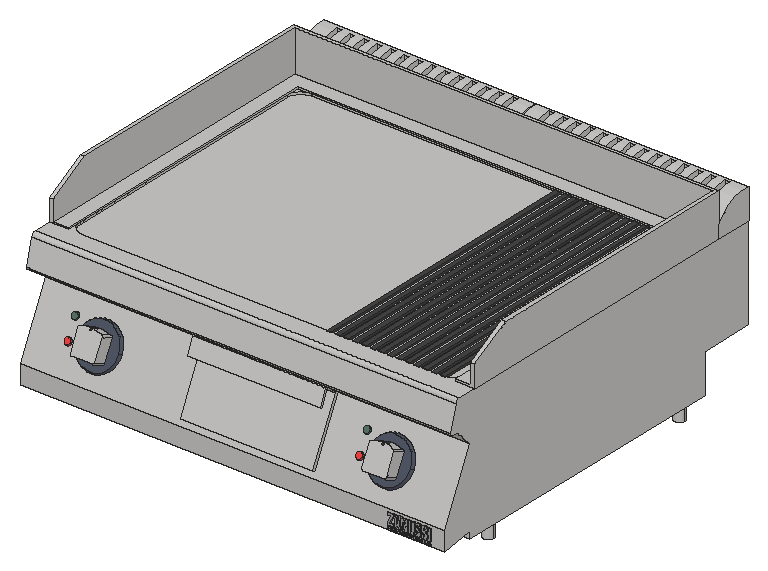
Revit family "QF_ZANUSSI_372347_Z7IIMDAOMEA", category Specialty Equipment, Revit 2018
Family settings
  Round Connector Dimension = Use Diameter
  Part Type = Normal
  Work Plane-Based = No
  Always vertical = Yes
  Cut with Voids When Loaded = No
  Shared = No
  Room Calculation Point = No
Parameters (values of type "Standard")
  Weight = 70.00 kg
  Watts = 0 W
  Volts = 400 V
  URL Manufacturer = "http://www.zanussiprofessional.com"
  URL = "http://www.zanussiprofessional.com"
  Steam Supply Size = 0"
  Steam Supply Minimum Pressure = 0.00 psi
  Steam Supply Maximum Pressure = 0.00 psi
  Steam Pounds per Hour = 0
  Show Logo [instance] = yes
  Show Clearance [instance] = yes
  Refrigeration Suction Line Size = 0"
  Refrigeration Liquid Line Size = 0"
  Refrigerant Compressor Remote = yes
  Phase = 3
  Model = "Z7IIMDAOMEA"
  Manufacturer = "Zanussi"
  Length Actual = 800 mm  # constant formula
  Item Number = "372347"
  Hot Water Size = 0"
  Height Actual = 250 mm  # constant formula
  HP = "11.3 HP"
  Gas Size = 0"
  Gas KW = 0
  Gas Input Pressure = 0.0 Btu/h
  Direct Waste Size = 0"
  Description = "ELECTRIC FRY TOP-SMOOTH+RIBBED PLATE 800 MM-BRUSHED CHROME"
  Depth Actual = 700 mm  # constant formula
  Cycle = 60 Hz
  Condensate Return Size = 0"
  Compressed Air Volume = 0 GPM
  Compressed Air Size = 0"
  Compressed Air Pressure = 0.00 psi
  Cold Water Size = 0"
  Assembly Code = ""
  Accessory = yes
Reference planes
  plane 1 "BACK": y = 0
  plane 2: z = 0
  plane 3 "LEFT": x = 0
  plane 4 "RIGHT": x = 800
  plane 5 "FRONT": y = -715
  plane 6 "TOP": z = 288.925
  plane 7 "Center Y": x = 400
  plane 8 "Center X": y = -357.5
  plane 9 "BASE": z = 650
  plane 10 "TOP A": z = 900
  plane 11: y = -597.884
  plane 12: y = -147.637
  plane 13: z = 981
  plane 14: y = -700
  plane 15 "panel": through (-6096, -715, 65.146) normal (0, 0.8956, -0.4448)
  plane 16: z = 900
Forms (mm)
  Extrusion 1, solid, material "QF_Finishes_Stainless Steel"
    sketch origin (0, 0, 626) x (0, 1, 0) y (0, 0, 1)
      loop
        line (0, 98) -> (0, 274) -> (-679.358, 274)
        arc (-679.358, 274) -> (-684.643, 271.811) -> (-686.833, 266.526) r 7.474
        line (-686.833, 266.526) -> (-699.884, 221.011)
        arc (-699.884, 221.011) -> (-699.396, 218.379) -> (-697, 217.184) r 3
        line (-697, 217.184) -> (-686.802, 217.184) -> (-654.982, 185.364) -> (-715, 64.508) -> (-715, 29.508) -> (-658.645, 37.428)
        arc (-658.645, 37.428) -> (-656.101, 36.674) -> (-655, 34.259) r 3.2
        line (-655, 34.259) -> (-655, 24) -> (-103, 24) -> (-103, 98) -> (0, 98)
    from 0 to 800
  Extrusion 2, void
    sketch origin (0, -2.381, 900) x (-1, 0, 0) y (0, -1, 0)
      loop
        arc (-60.425, 102.504) -> (-42.464, 109.943) -> (-35.025, 127.904) r 25.4
        line (-35.025, 127.904) -> (-35.025, 617.104)
        arc (-35.025, 617.104) -> (-42.464, 635.064) -> (-60.425, 642.504) r 25.4
        line (-60.425, 642.504) -> (-739.575, 642.504)
        arc (-739.575, 642.504) -> (-757.536, 635.064) -> (-764.975, 617.104) r 25.4
        line (-764.975, 617.104) -> (-764.975, 127.904)
        arc (-764.975, 127.904) -> (-757.536, 109.943) -> (-739.575, 102.504) r 25.4
        line (-739.575, 102.504) -> (-60.425, 102.504)
    from 0 to -3.2
  Extrusion 3, solid, material "QF_Finishes_Stainless Steel"
    sketch origin (0, 0, 626) x (1, 0, 0) y (0, 1, 0)
      loop
        circle (11.112, -147.638) r 9.525
      loop
        circle (11.112, -597.884) r 9.525
      loop
        circle (788.887, -147.638) r 9.525
      loop
        circle (788.887, -597.884) r 9.525
    from 0 to 24
  Extrusion 4, solid, material "QF_Finishes_Stainless Steel"
    sketch origin (0, -101.6, 105.694) x (0, 0, -1) y (-1, 0, 0)
      loop
        circle (-582.306, -749.2) r 6.35
    from -1.4 to 3.175
  Extrusion 5, solid, material "QF_Finishes_Clearance", visible <- "Show Clearance", detail levels coarse
    sketch origin (0, 0, 626) x (1, 0, 0) y (0, 1, 0)
      loop
        line (0, -715) -> (0, 0) -> (800, 0) -> (800, -715) -> (950.019, -715) -> (950.019, 150.019) -> (-150.019, 150.019) -> (-150.019, -715) -> (0, -715)
    from 0 to 355
  Sweep 6, solid, material "QF_Finishes_Stainless Steel"
    path origin (0, -2.381, 900) x (-1, 0, 0) y (0, -1, 0)
      loop
        line (-764.975, 642.504) -> (-764.975, 102.504) -> (-35.025, 102.504) -> (-35.025, 642.504)
    profile origin (35.025, -374.885, 900) x (1, 0, 0) y (0, 0, 1)
      loop
        line (-35.025, 0) -> (0, 0) -> (0, 3.175) -> (-28.675, 3.175) -> (-28.675, 81) -> (-35.025, 81) -> (-35.025, 0)
  Extrusion 7, void
    sketch origin (0, -69.86, 900) x (0, 1, 0) y (0, 0, 1)
      loop
        line (-575.025, 41.119) -> (-501.995, 81) -> (-575.025, 81) -> (-575.025, 41.119)
    from 0 to 6.35
  Extrusion 8, void
    sketch origin (800, -644.885, 900) x (0, -1, 0) y (0, 0, 1)
      loop
        line (0, 41.119) -> (0, 81) -> (-73.03, 81) -> (0, 41.119)
    from 0 to 6.35
  Extrusion 9, solid, material "QF_Finishes_Stainless Steel"
    sketch origin (0, 0, 626) x (0, 1, 0) y (0, 0, 1)
      loop
        line (0, 274) -> (0, 331.492)
        arc (0, 331.492) -> (-38.8, 324.37) -> (-69.85, 300.038) r 82.447
        line (-69.85, 300.038) -> (-69.85, 274) -> (0, 274)
    from 0 to 400.05
  Extrusion 10, void
    sketch origin (0, 0, 900.638) x (0, -1, 0) y (1, 0, 0)
      loop
        line (6.761, 29.703) -> (63.911, 29.703) -> (63.911, 38.999) -> (6.761, 38.999) -> (6.761, 29.703)
      loop
        line (63.911, 64.487) -> (6.761, 64.487) -> (6.761, 55.191) -> (63.911, 55.191) -> (63.911, 64.487)
      loop
        line (63.911, 89.975) -> (6.761, 89.975) -> (6.761, 80.68) -> (63.911, 80.68) -> (63.911, 89.975)
      loop
        line (63.911, 115.464) -> (6.761, 115.464) -> (6.761, 106.168) -> (63.911, 106.168) -> (63.911, 115.464)
      loop
        line (63.911, 140.952) -> (6.761, 140.952) -> (6.761, 131.656) -> (63.911, 131.656) -> (63.911, 140.952)
      loop
        line (63.911, 166.44) -> (6.761, 166.44) -> (6.761, 157.145) -> (63.911, 157.145) -> (63.911, 166.44)
      loop
        line (63.911, 191.929) -> (6.761, 191.929) -> (6.761, 182.633) -> (63.911, 182.633) -> (63.911, 191.929)
      loop
        line (63.911, 217.417) -> (6.761, 217.417) -> (6.761, 208.121) -> (63.911, 208.121) -> (63.911, 217.417)
      loop
        line (63.911, 242.905) -> (6.761, 242.905) -> (6.761, 233.61) -> (63.911, 233.61) -> (63.911, 242.905)
      loop
        line (63.911, 268.394) -> (6.761, 268.394) -> (6.761, 259.098) -> (63.911, 259.098) -> (63.911, 268.394)
      loop
        line (63.911, 293.882) -> (6.761, 293.882) -> (6.761, 284.586) -> (63.911, 284.586) -> (63.911, 293.882)
      loop
        line (63.911, 319.37) -> (6.761, 319.37) -> (6.761, 310.075) -> (63.911, 310.075) -> (63.911, 319.37)
      loop
        line (63.911, 344.859) -> (6.761, 344.859) -> (6.761, 335.563) -> (63.911, 335.563) -> (63.911, 344.859)
      loop
        line (63.911, 370.347) -> (6.761, 370.347) -> (6.761, 361.051) -> (63.911, 361.051) -> (63.911, 370.347)
    from 25.4 to 63.5
  Extrusion 11, solid, material "QF_Finishes_Stainless Steel"
    sketch origin (400.05, 0, 626) x (0, 1, 0) y (0, 0, 1)
      loop
        line (0, 274) -> (0, 331.492)
        arc (0, 331.492) -> (-38.8, 324.37) -> (-69.85, 300.038) r 82.447
        line (-69.85, 300.038) -> (-69.85, 274) -> (0, 274)
    from 0 to 400.05
  Extrusion 12, void
    sketch origin (400.05, 0, 900.638) x (0, -1, 0) y (1, 0, 0)
      loop
        line (6.761, 29.653) -> (63.911, 29.653) -> (63.911, 38.949) -> (6.761, 38.949) -> (6.761, 29.653)
      loop
        line (63.911, 64.437) -> (6.761, 64.437) -> (6.761, 55.141) -> (63.911, 55.141) -> (63.911, 64.437)
      loop
        line (63.911, 89.925) -> (6.761, 89.925) -> (6.761, 80.63) -> (63.911, 80.63) -> (63.911, 89.925)
      loop
        line (63.911, 115.414) -> (6.761, 115.414) -> (6.761, 106.118) -> (63.911, 106.118) -> (63.911, 115.414)
      loop
        line (63.911, 140.902) -> (6.761, 140.902) -> (6.761, 131.606) -> (63.911, 131.606) -> (63.911, 140.902)
      loop
        line (63.911, 166.39) -> (6.761, 166.39) -> (6.761, 157.095) -> (63.911, 157.095) -> (63.911, 166.39)
      loop
        line (63.911, 191.879) -> (6.761, 191.879) -> (6.761, 182.583) -> (63.911, 182.583) -> (63.911, 191.879)
      loop
        line (63.911, 217.367) -> (6.761, 217.367) -> (6.761, 208.071) -> (63.911, 208.071) -> (63.911, 217.367)
      loop
        line (63.911, 242.855) -> (6.761, 242.855) -> (6.761, 233.56) -> (63.911, 233.56) -> (63.911, 242.855)
      loop
        line (63.911, 268.344) -> (6.761, 268.344) -> (6.761, 259.048) -> (63.911, 259.048) -> (63.911, 268.344)
      loop
        line (63.911, 293.832) -> (6.761, 293.832) -> (6.761, 284.536) -> (63.911, 284.536) -> (63.911, 293.832)
      loop
        line (63.911, 319.32) -> (6.761, 319.32) -> (6.761, 310.025) -> (63.911, 310.025) -> (63.911, 319.32)
      loop
        line (63.911, 344.809) -> (6.761, 344.809) -> (6.761, 335.513) -> (63.911, 335.513) -> (63.911, 344.809)
      loop
        line (63.911, 370.297) -> (6.761, 370.297) -> (6.761, 361.001) -> (63.911, 361.001) -> (63.911, 370.297)
    from 25.4 to 63.5
  Extrusion 13, solid, material "QF_Finishes_Stainless Steel"
    sketch origin (400, 0, 626) x (0, 1, 0) y (0, 0, 1)
      loop
        line (-655.161, 185.641) -> (-674.299, 204.778)
        arc (-674.299, 204.778) -> (-678.766, 206.181) -> (-682.47, 203.316) r 5.058
        line (-682.47, 203.316) -> (-695.132, 175.806) -> (-692.248, 174.479) -> (-679.586, 201.989)
        arc (-679.586, 201.989) -> (-678.207, 203.055) -> (-676.544, 202.533) r 1.883
        line (-676.544, 202.533) -> (-659.038, 185.028) -> (-712.559, 77.256) -> (-709.651, 75.918) -> (-655.161, 185.641)
    from -100 to 150
  Extrusion 14, solid, material "QF_Finishes_Drawer Clearance", visible <- "Show Clearance", detail levels coarse
    sketch origin (400, 0, 626) x (0, 1, 0) y (0, 0, 1)
      loop
        line (-778.814, 75.918) -> (-709.651, 75.918) -> (-655.161, 185.641) -> (-674.299, 204.778)
        arc (-674.299, 204.778) -> (-676.36, 206.027) -> (-678.766, 206.181) r 5.058
        line (-678.766, 206.181) -> (-747.93, 206.181)
        arc (-747.93, 206.181) -> (-750.133, 205.203) -> (-751.634, 203.316) r 5.058
        line (-751.634, 203.316) -> (-764.296, 175.806) -> (-761.412, 174.479) -> (-748.75, 201.989)
        arc (-748.75, 201.989) -> (-747.371, 203.055) -> (-745.708, 202.533) r 1.883
        line (-745.708, 202.533) -> (-728.202, 185.028) -> (-781.723, 77.256) -> (-778.814, 75.918)
    from -100 to 150
  Blend 15, solid, material "QF_Finishes_Navy Blue"
    base sketch origin (675, -684.991, 751.574) x (1, 0, 0) y (0, 0.444781, 0.895639)
      loop
        circle (0, 0) r 42.5
    top sketch origin (675, -684.991, 751.574) x (1, 0, 0) y (0, 0.444781, 0.895639)
      loop
        circle (0, 0) r 40.5
    from 0 to 5
  Extrusion 16, solid, material "QF_Finishes_Stainless Steel"
    sketch origin (675, -684.991, 751.574) x (1, 0, 0) y (0, 0.444781, 0.895639)
      loop
        arc (-21.147, 22.789) -> (-22.494, 21.685) -> (-23, 20.019) r 2.997
        line (-23, 20.019) -> (-23, -20.019)
        arc (-23, -20.019) -> (-22.122, -22.138) -> (-20.003, -23.016) r 2.997
        line (-20.003, -23.016) -> (20.003, -23.016)
        arc (20.003, -23.016) -> (22.122, -22.138) -> (23, -20.019) r 2.997
        line (23, -20.019) -> (23, 20.019)
        arc (23, 20.019) -> (22.494, 21.685) -> (21.147, 22.789) r 2.997
        arc (21.147, 22.789) -> (0, 26.984) -> (-21.147, 22.789) r 55.4
    from 10 to 34
  Extrusion 17, solid, material "QF_Plastic-Black-Matte"
    sketch origin (755, -684.991, 751.574) x (0, 0.444781, 0.895639) y (0, -0.895639, 0.444781)
      loop
        line (26.984, 34) -> (26.984, 19) -> (27.984, 19) -> (27.984, 34)
        arc (27.984, 34) -> (27.691, 34.707) -> (26.984, 35) r 1
        line (26.984, 35) -> (23.984, 35) -> (23.984, 34) -> (26.984, 34)
    from -81 to -79
  Extrusion 18, solid, material "QF_Finishes_Red"
    sketch origin (675, -689.439, 742.617) x (1, 0, 0) y (0, 0.444781, 0.895639)
      loop
        circle (-55.001, 0) r 6
    from 0 to 1.6
  Extrusion 19, solid, material "QF_Finishes_Stainless Steel"
    sketch origin (675, -684.991, 751.574) x (1, 0, 0) y (0, 0.444781, 0.895639)
      loop
        line (17.5, 17.5) -> (-17.5, 17.5) -> (-17.5, -17.5) -> (17.5, -17.5) -> (17.5, 17.5)
    from 5 to 10
  Extrusion 20, solid, material "QF_Finishes_DarkGreen"
    sketch origin (675, -671.648, 778.443) x (1, 0, 0) y (0, 0.444781, 0.895639)
      loop
        circle (-55.001, 0) r 6
    from 0 to 1.6
  Blend 21, solid, material "QF_Finishes_Navy Blue"
    base sketch origin (125, -684.991, 751.574) x (1, 0, 0) y (0, 0.444781, 0.895639)
      loop
        circle (0, 0) r 42.5
    top sketch origin (125, -684.991, 751.574) x (1, 0, 0) y (0, 0.444781, 0.895639)
      loop
        circle (0, 0) r 40.5
    from 0 to 5
  Extrusion 22, solid, material "QF_Finishes_Stainless Steel"
    sketch origin (125, -684.991, 751.574) x (1, 0, 0) y (0, 0.444781, 0.895639)
      loop
        arc (-21.147, 22.789) -> (-22.494, 21.685) -> (-23, 20.019) r 2.997
        line (-23, 20.019) -> (-23, -20.019)
        arc (-23, -20.019) -> (-22.122, -22.138) -> (-20.003, -23.016) r 2.997
        line (-20.003, -23.016) -> (20.003, -23.016)
        arc (20.003, -23.016) -> (22.122, -22.138) -> (23, -20.019) r 2.997
        line (23, -20.019) -> (23, 20.019)
        arc (23, 20.019) -> (22.494, 21.685) -> (21.147, 22.789) r 2.997
        arc (21.147, 22.789) -> (0, 26.984) -> (-21.147, 22.789) r 55.4
    from 10 to 34
  Extrusion 23, solid, material "QF_Plastic-Black-Matte"
    sketch origin (205, -684.991, 751.574) x (0, 0.444781, 0.895639) y (0, -0.895639, 0.444781)
      loop
        line (26.984, 34) -> (26.984, 19) -> (27.984, 19) -> (27.984, 34)
        arc (27.984, 34) -> (27.691, 34.707) -> (26.984, 35) r 1
        line (26.984, 35) -> (23.984, 35) -> (23.984, 34) -> (26.984, 34)
    from -81 to -79
  Extrusion 24, solid, material "QF_Finishes_Red"
    sketch origin (125, -689.439, 742.617) x (1, 0, 0) y (0, 0.444781, 0.895639)
      loop
        circle (-55.001, 0) r 6
    from 0 to 1.6
  Extrusion 25, solid, material "QF_Finishes_Stainless Steel"
    sketch origin (125, -684.991, 751.574) x (1, 0, 0) y (0, 0.444781, 0.895639)
      loop
        line (17.5, 17.5) -> (-17.5, 17.5) -> (-17.5, -17.5) -> (17.5, -17.5) -> (17.5, 17.5)
    from 5 to 10
  Extrusion 26, solid, material "QF_Finishes_DarkGreen"
    sketch origin (125, -671.648, 778.443) x (1, 0, 0) y (0, 0.444781, 0.895639)
      loop
        circle (-55.001, 0) r 6
    from 0 to 1.6
  Extrusion 27, solid, material "QF_Finishes_Black"
    sketch origin (-552.185, -715, 626) x (1, 0, 0) y (0, 0, 1)
      loop
        line (1082.583, 274) -> (1073.583, 274) -> (1073.583, 270.8) -> (1082.583, 270.8) -> (1082.583, 274)
    from -610.115 to -70.115
  Extrusion 28, solid, material "QF_Finishes_Black"
    sketch origin (-552.185, -715, 626) x (1, 0, 0) y (0, 0, 1)
      loop
        line (1099.083, 274) -> (1090.083, 274) -> (1090.083, 270.8) -> (1099.083, 270.8) -> (1099.083, 274)
    from -610.115 to -70.115
  Extrusion 29, solid, material "QF_Finishes_Black"
    sketch origin (-552.185, -715, 626) x (1, 0, 0) y (0, 0, 1)
      loop
        line (1115.583, 274) -> (1106.583, 274) -> (1106.583, 270.8) -> (1115.583, 270.8) -> (1115.583, 274)
    from -610.115 to -70.115
  Extrusion 30, solid, material "QF_Finishes_Black"
    sketch origin (-552.185, -715, 626) x (1, 0, 0) y (0, 0, 1)
      loop
        line (1132.083, 274) -> (1123.083, 274) -> (1123.083, 270.8) -> (1132.083, 270.8) -> (1132.083, 274)
    from -610.115 to -70.115
  Extrusion 31, solid, material "QF_Finishes_Black"
    sketch origin (-552.185, -715, 626) x (1, 0, 0) y (0, 0, 1)
      loop
        line (1148.583, 274) -> (1139.583, 274) -> (1139.583, 270.8) -> (1148.583, 270.8) -> (1148.583, 274)
    from -610.115 to -70.115
  Extrusion 32, solid, material "QF_Finishes_Black"
    sketch origin (-552.185, -715, 626) x (1, 0, 0) y (0, 0, 1)
      loop
        line (1165.083, 274) -> (1156.083, 274) -> (1156.083, 270.8) -> (1165.083, 270.8) -> (1165.083, 274)
    from -610.115 to -70.115
  Extrusion 33, solid, material "QF_Finishes_Black"
    sketch origin (-552.185, -715, 626) x (1, 0, 0) y (0, 0, 1)
      loop
        line (1181.583, 274) -> (1172.583, 274) -> (1172.583, 270.8) -> (1181.583, 270.8) -> (1181.583, 274)
    from -610.115 to -70.115
  Extrusion 34, solid, material "QF_Finishes_Black"
    sketch origin (-552.185, -715, 626) x (1, 0, 0) y (0, 0, 1)
      loop
        line (1198.083, 274) -> (1189.083, 274) -> (1189.083, 270.8) -> (1198.083, 270.8) -> (1198.083, 274)
    from -610.115 to -70.115
  Extrusion 35, solid, material "QF_Finishes_Black"
    sketch origin (-552.185, -715, 626) x (1, 0, 0) y (0, 0, 1)
      loop
        line (1214.583, 274) -> (1205.583, 274) -> (1205.583, 270.8) -> (1214.583, 270.8) -> (1214.583, 274)
    from -610.115 to -70.115
  Extrusion 36, solid, material "QF_Finishes_Black"
    sketch origin (-552.185, -715, 626) x (1, 0, 0) y (0, 0, 1)
      loop
        line (1231.083, 274) -> (1222.083, 274) -> (1222.083, 270.8) -> (1231.083, 270.8) -> (1231.083, 274)
    from -610.115 to -70.115
  Extrusion 37, solid, material "QF_Finishes_Black"
    sketch origin (-552.185, -715, 626) x (1, 0, 0) y (0, 0, 1)
      loop
        line (1247.583, 274) -> (1238.583, 274) -> (1238.583, 270.8) -> (1247.583, 270.8) -> (1247.583, 274)
    from -610.115 to -70.115
  Extrusion 38, solid, material "QF_Finishes_Black"
    sketch origin (-552.185, -715, 626) x (1, 0, 0) y (0, 0, 1)
      loop
        line (1264.083, 274) -> (1255.083, 274) -> (1255.083, 270.8) -> (1264.083, 270.8) -> (1264.083, 274)
    from -610.115 to -70.115
  Extrusion 39, solid, material "QF_Finishes_Black"
    sketch origin (-552.185, -715, 626) x (1, 0, 0) y (0, 0, 1)
      loop
        line (1280.583, 274) -> (1271.583, 274) -> (1271.583, 270.8) -> (1280.583, 270.8) -> (1280.583, 274)
    from -610.115 to -70.115
  Extrusion 40, solid, material "QF_Finishes_Black"
    sketch origin (-552.185, -715, 626) x (1, 0, 0) y (0, 0, 1)
      loop
        line (1297.083, 274) -> (1288.083, 274) -> (1288.083, 270.8) -> (1297.083, 270.8) -> (1297.083, 274)
    from -610.115 to -70.115
Cuts and joins
  Extrusion 2 cuts Extrusion 1
  Extrusion 7, Extrusion 8 cuts Sweep 6
  Extrusion 10 cuts Extrusion 9
  Extrusion 12 cuts Extrusion 11
Lines and regions (mm)
  Split face 1
    outline origin (676.664, -684.796, 763.208) x (1, 0, 0) y (0, 0.444781, 0.895639)
      loop
        circle (-34, 0) r 1.5
  Split face 2
    outline origin (673.297, -687.581, 757.6) x (1, 0, 0) y (0, 0.444781, 0.895639)
      loop
        circle (-30.633, -14.752) r 1.5
  Split face 3
    outline origin (676.214, -689.88, 752.97) x (1, 0, 0) y (0, 0.444781, 0.895639)
      loop
        circle (-21.199, -26.582) r 1.5
  Split face 4
    outline origin (682.566, -689.848, 753.034) x (1, 0, 0) y (0, 0.444781, 0.895639)
      loop
        circle (-7.566, -33.148) r 1.5
  Split face 5
    outline origin (687.419, -686.96, 758.85) x (1, 0, 0) y (0, 0.444781, 0.895639)
      loop
        circle (7.566, -33.148) r 1.5
  Split face 6
    outline origin (686.137, -682.319, 768.196) x (1, 0, 0) y (0, 0.444781, 0.895639)
      loop
        circle (21.199, -26.582) r 1.5
  Split face 7
    outline origin (676.5, -678.264, 776.361) x (1, 0, 0) y (0, 0.444781, 0.895639)
      loop
        circle (30.633, -14.752) r 1.5
  Split face 8
    outline origin (660.985, -677.235, 778.433) x (1, 0, 0) y (0, 0.444781, 0.895639)
      loop
        circle (34, 0) r 1.5
  Split face 9
    outline origin (675, -689.469, 753.797) x (1, 0, 0) y (0, 0.444781, 0.895639)
      loop
        circle (0, 33.561) r 1.5
  Split face 10
    outline origin (126.664, -684.796, 763.208) x (1, 0, 0) y (0, 0.444781, 0.895639)
      loop
        circle (-34, 0) r 1.5
  Split face 11
    outline origin (123.297, -687.581, 757.6) x (1, 0, 0) y (0, 0.444781, 0.895639)
      loop
        circle (-30.633, -14.752) r 1.5
  Split face 12
    outline origin (126.214, -689.88, 752.97) x (1, 0, 0) y (0, 0.444781, 0.895639)
      loop
        circle (-21.199, -26.582) r 1.5
  Split face 13
    outline origin (132.566, -689.848, 753.034) x (1, 0, 0) y (0, 0.444781, 0.895639)
      loop
        circle (-7.566, -33.148) r 1.5
  Split face 14
    outline origin (137.419, -686.96, 758.85) x (1, 0, 0) y (0, 0.444781, 0.895639)
      loop
        circle (7.566, -33.148) r 1.5
  Split face 15
    outline origin (136.137, -682.319, 768.196) x (1, 0, 0) y (0, 0.444781, 0.895639)
      loop
        circle (21.199, -26.582) r 1.5
  Split face 16
    outline origin (126.5, -678.264, 776.361) x (1, 0, 0) y (0, 0.444781, 0.895639)
      loop
        circle (30.633, -14.752) r 1.5
  Split face 17
    outline origin (110.985, -677.235, 778.433) x (1, 0, 0) y (0, 0.444781, 0.895639)
      loop
        circle (34, 0) r 1.5
  Split face 18
    outline origin (125, -689.469, 753.797) x (1, 0, 0) y (0, 0.444781, 0.895639)
      loop
        circle (0, 33.561) r 1.5
  symbolic lines, style "QF-Clearances", visible <- "Show Clearance", detail levels coarse
    curve 1: line (-150.019, 150.019, 900) -> (-150.019, -715, 900)
    curve 2: line (950.019, 150.019, 900) -> (-150.019, 150.019, 900)
    curve 3: line (950.019, -716.377, 900) -> (950.019, 150.019, 900)
  symbolic lines
    curve 4: line (0, 0, 900) -> (800, 0, 900)
    curve 5: line (0, -715, 900) -> (0, 0, 900)
    curve 6: line (800, 0, 900) -> (800, -715, 900)
    curve 7: line (35.025, -104.885, 900) -> (35.025, -644.885, 900)
    curve 8: arc (35.025, -619.485, 900) -> (42.464, -637.445, 900) -> (60.425, -644.885, 900) r 25.4
    curve 9: line (0, -644.885, 900) -> (35.025, -644.885, 900)
    curve 10: arc (739.215, -644.885, 900) -> (757.736, -637.213, 900) -> (765.407, -618.692, 900) r 26.193
    curve 11: line (765.407, -644.885, 900) -> (765.407, -104.885, 900)
    curve 12: line (765.407, -104.885, 900) -> (35.025, -104.885, 900)
    curve 13: line (0, -69.85, 900) -> (800, -69.85, 900)
    curve 14: arc (64.125, -104.885, 900) -> (43.548, -113.408, 900) -> (35.025, -133.985, 900) r 29.1
    curve 15: arc (739.863, -104.885, 900) -> (757.926, -112.367, 900) -> (765.407, -130.429, 900) r 25.544
    curve 16: line (6.35, -76.21, 900) -> (6.35, -644.885, 900)
    curve 17: line (6.35, -76.21, 900) -> (793.65, -76.21, 900)
    curve 18: line (793.65, -76.21, 900) -> (793.65, -644.885, 900)
    curve 19: line (765.407, -644.885, 900) -> (800, -644.885, 900)
    curve 20: line (60.425, -644.885, 900) -> (739.215, -644.885, 900)
    curve 24: line (0, 0, 274.638) -> (800, 0, 274.638)
    curve 25: line (0, -69.85, 274.638) -> (800, -69.85, 274.638)
    curve 26: line (29.703, -6.761, 0) -> (38.999, -6.761, 0)
    curve 27: line (29.703, -63.911, 0) -> (29.703, -6.761, 0)
    curve 28: line (38.999, -63.911, 0) -> (29.703, -63.911, 0)
    curve 29: line (38.999, -6.761, 0) -> (38.999, -63.911, 0)
    curve 30: line (55.191, -6.761, 0) -> (64.487, -6.761, 0)
    curve 31: line (55.191, -63.911, 0) -> (55.191, -6.761, 0)
    curve 32: line (64.487, -63.911, 0) -> (55.191, -63.911, 0)
    curve 33: line (64.487, -6.761, 0) -> (64.487, -63.911, 0)
    curve 34: line (80.68, -6.761, 0) -> (89.975, -6.761, 0)
    curve 35: line (80.68, -63.911, 0) -> (80.68, -6.761, 0)
    curve 36: line (89.975, -63.911, 0) -> (80.68, -63.911, 0)
    curve 37: line (89.975, -6.761, 0) -> (89.975, -63.911, 0)
    curve 38: line (106.168, -6.761, 0) -> (115.464, -6.761, 0)
    curve 39: line (106.168, -63.911, 0) -> (106.168, -6.761, 0)
    curve 40: line (115.464, -63.911, 0) -> (106.168, -63.911, 0)
    curve 41: line (115.464, -6.761, 0) -> (115.464, -63.911, 0)
    curve 42: line (131.656, -6.761, 0) -> (140.952, -6.761, 0)
    curve 43: line (131.656, -63.911, 0) -> (131.656, -6.761, 0)
    curve 44: line (140.952, -63.911, 0) -> (131.656, -63.911, 0)
    curve 45: line (140.952, -6.761, 0) -> (140.952, -63.911, 0)
    curve 46: line (157.145, -6.761, 0) -> (166.44, -6.761, 0)
    curve 47: line (157.145, -63.911, 0) -> (157.145, -6.761, 0)
    curve 48: line (166.44, -63.911, 0) -> (157.145, -63.911, 0)
    curve 49: line (166.44, -6.761, 0) -> (166.44, -63.911, 0)
    curve 50: line (182.633, -6.761, 0) -> (191.929, -6.761, 0)
    curve 51: line (182.633, -63.911, 0) -> (182.633, -6.761, 0)
    curve 52: line (191.929, -63.911, 0) -> (182.633, -63.911, 0)
    curve 53: line (191.929, -6.761, 0) -> (191.929, -63.911, 0)
    curve 54: line (208.121, -6.761, 0) -> (217.417, -6.761, 0)
    curve 55: line (208.121, -63.911, 0) -> (208.121, -6.761, 0)
    curve 56: line (217.417, -63.911, 0) -> (208.121, -63.911, 0)
    curve 57: line (217.417, -6.761, 0) -> (217.417, -63.911, 0)
    curve 58: line (233.61, -6.761, 0) -> (242.905, -6.761, 0)
    curve 59: line (233.61, -63.911, 0) -> (233.61, -6.761, 0)
    curve 60: line (242.905, -63.911, 0) -> (233.61, -63.911, 0)
    curve 61: line (242.905, -6.761, 0) -> (242.905, -63.911, 0)
    curve 62: line (259.098, -6.761, 0) -> (268.394, -6.761, 0)
    curve 63: line (259.098, -63.911, 0) -> (259.098, -6.761, 0)
    curve 64: line (268.394, -63.911, 0) -> (259.098, -63.911, 0)
    curve 65: line (268.394, -6.761, 0) -> (268.394, -63.911, 0)
    curve 66: line (284.586, -6.761, 0) -> (293.882, -6.761, 0)
    curve 67: line (284.586, -63.911, 0) -> (284.586, -6.761, 0)
    curve 68: line (293.882, -63.911, 0) -> (284.586, -63.911, 0)
    curve 69: line (293.882, -6.761, 0) -> (293.882, -63.911, 0)
    curve 70: line (310.075, -6.761, 0) -> (319.37, -6.761, 0)
    curve 71: line (310.075, -63.911, 0) -> (310.075, -6.761, 0)
    curve 72: line (319.37, -63.911, 0) -> (310.075, -63.911, 0)
    curve 73: line (319.37, -6.761, 0) -> (319.37, -63.911, 0)
    curve 74: line (335.563, -6.761, 0) -> (344.859, -6.761, 0)
    curve 75: line (335.563, -63.911, 0) -> (335.563, -6.761, 0)
    curve 76: line (344.859, -63.911, 0) -> (335.563, -63.911, 0)
    curve 77: line (344.859, -6.761, 0) -> (344.859, -63.911, 0)
    curve 78: line (361.051, -6.761, 0) -> (370.347, -6.761, 0)
    curve 79: line (361.051, -63.911, 0) -> (361.051, -6.761, 0)
    curve 80: line (370.347, -63.911, 0) -> (361.051, -63.911, 0)
    curve 81: line (370.347, -6.761, 0) -> (370.347, -63.911, 0)
    curve 82: line (400, 0, 0) -> (400, -69.85, 0)
    curve 83: line (770.347, -6.761, 0) -> (761.051, -6.761, 0)
    curve 84: line (770.347, -63.911, 0) -> (770.347, -6.761, 0)
    curve 85: line (761.051, -63.911, 0) -> (770.347, -63.911, 0)
    curve 86: line (761.051, -6.761, 0) -> (761.051, -63.911, 0)
    curve 87: line (744.859, -6.761, 0) -> (735.563, -6.761, 0)
    curve 88: line (744.859, -63.911, 0) -> (744.859, -6.761, 0)
    curve 89: line (735.563, -63.911, 0) -> (744.859, -63.911, 0)
    curve 90: line (735.563, -6.761, 0) -> (735.563, -63.911, 0)
    curve 91: line (719.37, -6.761, 0) -> (710.075, -6.761, 0)
    curve 92: line (719.37, -63.911, 0) -> (719.37, -6.761, 0)
    curve 93: line (710.075, -63.911, 0) -> (719.37, -63.911, 0)
    curve 94: line (710.075, -6.761, 0) -> (710.075, -63.911, 0)
    curve 95: line (693.882, -6.761, 0) -> (684.586, -6.761, 0)
    curve 96: line (693.882, -63.911, 0) -> (693.882, -6.761, 0)
    curve 97: line (684.586, -63.911, 0) -> (693.882, -63.911, 0)
    curve 98: line (684.586, -6.761, 0) -> (684.586, -63.911, 0)
    curve 99: line (668.394, -6.761, 0) -> (659.098, -6.761, 0)
    curve 100: line (668.394, -63.911, 0) -> (668.394, -6.761, 0)
    curve 101: line (659.098, -63.911, 0) -> (668.394, -63.911, 0)
    curve 102: line (659.098, -6.761, 0) -> (659.098, -63.911, 0)
    curve 103: line (642.905, -6.761, 0) -> (633.61, -6.761, 0)
    curve 104: line (642.905, -63.911, 0) -> (642.905, -6.761, 0)
    curve 105: line (633.61, -63.911, 0) -> (642.905, -63.911, 0)
    curve 106: line (633.61, -6.761, 0) -> (633.61, -63.911, 0)
    curve 107: line (617.417, -6.761, 0) -> (608.121, -6.761, 0)
    curve 108: line (617.417, -63.911, 0) -> (617.417, -6.761, 0)
    curve 109: line (608.121, -63.911, 0) -> (617.417, -63.911, 0)
    curve 110: line (608.121, -6.761, 0) -> (608.121, -63.911, 0)
    curve 111: line (591.929, -6.761, 0) -> (582.633, -6.761, 0)
    curve 112: line (591.929, -63.911, 0) -> (591.929, -6.761, 0)
    curve 113: line (582.633, -63.911, 0) -> (591.929, -63.911, 0)
    curve 114: line (582.633, -6.761, 0) -> (582.633, -63.911, 0)
    curve 115: line (566.44, -6.761, 0) -> (557.145, -6.761, 0)
    curve 116: line (566.44, -63.911, 0) -> (566.44, -6.761, 0)
    curve 117: line (557.145, -63.911, 0) -> (566.44, -63.911, 0)
    curve 118: line (557.145, -6.761, 0) -> (557.145, -63.911, 0)
    curve 119: line (540.952, -6.761, 0) -> (531.656, -6.761, 0)
    curve 120: line (540.952, -63.911, 0) -> (540.952, -6.761, 0)
    curve 121: line (531.656, -63.911, 0) -> (540.952, -63.911, 0)
    curve 122: line (531.656, -6.761, 0) -> (531.656, -63.911, 0)
    curve 123: line (515.464, -6.761, 0) -> (506.168, -6.761, 0)
    curve 124: line (515.464, -63.911, 0) -> (515.464, -6.761, 0)
    curve 125: line (506.168, -63.911, 0) -> (515.464, -63.911, 0)
    curve 126: line (506.168, -6.761, 0) -> (506.168, -63.911, 0)
    curve 127: line (489.975, -6.761, 0) -> (480.68, -6.761, 0)
    curve 128: line (489.975, -63.911, 0) -> (489.975, -6.761, 0)
    curve 129: line (480.68, -63.911, 0) -> (489.975, -63.911, 0)
    curve 130: line (480.68, -6.761, 0) -> (480.68, -63.911, 0)
    curve 131: line (464.487, -6.761, 0) -> (455.191, -6.761, 0)
    curve 132: line (464.487, -63.911, 0) -> (464.487, -6.761, 0)
    curve 133: line (455.191, -63.911, 0) -> (464.487, -63.911, 0)
    curve 134: line (455.191, -6.761, 0) -> (455.191, -63.911, 0)
    curve 135: line (438.999, -6.761, 0) -> (429.703, -6.761, 0)
    curve 136: line (438.999, -63.911, 0) -> (438.999, -6.761, 0)
    curve 137: line (429.703, -63.911, 0) -> (438.999, -63.911, 0)
    curve 138: line (429.703, -6.761, 0) -> (429.703, -63.911, 0)
    curve 139: line (0, -700, 0) -> (800, -700, 0)
    curve 140: line (698, -700, 0) -> (698, -724.347, 0)
    curve 141: arc (698, -724.347, 0) -> (697.854, -724.811, 0) -> (697.468, -725.107, 0) r 0.809
    curve 142: arc (697.468, -725.107, 0) -> (696.28, -725.587, 0) -> (695.003, -725.68, 0) r 4.127
    curve 143: arc (698, -704.292, 0) -> (703.041, -702.458, 0) -> (707.809, -700, 0) r 42.24
    curve 144: arc (698, -706.539, 0) -> (697.498, -705.818, 0) -> (696.701, -705.448, 0) r 1.682
    curve 145: arc (696.701, -705.448, 0) -> (686.398, -703.95, 0) -> (676, -703.441, 0) r 109.079
    curve 146: line (676, -700, 0) -> (676, -705.671, 0)
    curve 147: line (676, -705.671, 0) -> (674, -705.671, 0)
    curve 148: line (674, -705.671, 0) -> (674, -700, 0)
    curve 149: line (652, -700, 0) -> (652, -724.347, 0)
    curve 150: arc (652, -724.347, 0) -> (652.146, -724.811, 0) -> (652.532, -725.107, 0) r 0.809
    curve 151: arc (652.532, -725.107, 0) -> (653.72, -725.587, 0) -> (654.997, -725.68, 0) r 4.127
    curve 152: arc (652, -704.292, 0) -> (646.959, -702.458, 0) -> (642.191, -700, 0) r 42.24
    curve 153: arc (652, -706.539, 0) -> (652.502, -705.818, 0) -> (653.299, -705.448, 0) r 1.682
    curve 154: arc (653.299, -705.448, 0) -> (663.602, -703.95, 0) -> (674, -703.441, 0) r 109.079
    curve 155: line (695.003, -725.68, 0) -> (654.997, -725.68, 0)
    curve 156: line (148, -715, 0) -> (652, -715, 0)
    curve 157: line (698, -715, 0) -> (800, -715, 0)
    curve 158: line (300, -715, 0) -> (300, -700, 0)
    curve 159: line (549.95, -715, 0) -> (549.95, -700, 0)
    curve 160: line (148, -700, 0) -> (148, -724.347, 0)
    curve 161: arc (148, -724.347, 0) -> (147.854, -724.811, 0) -> (147.468, -725.107, 0) r 0.809
    curve 162: arc (147.468, -725.107, 0) -> (146.28, -725.587, 0) -> (145.003, -725.68, 0) r 4.127
    curve 163: arc (148, -704.292, 0) -> (153.041, -702.458, 0) -> (157.809, -700, 0) r 42.24
    curve 164: arc (148, -706.539, 0) -> (147.498, -705.818, 0) -> (146.701, -705.448, 0) r 1.682
    curve 165: arc (146.701, -705.448, 0) -> (136.398, -703.95, 0) -> (126, -703.441, 0) r 109.079
    curve 166: line (126, -700, 0) -> (126, -705.671, 0)
    curve 167: line (126, -705.671, 0) -> (124, -705.671, 0)
    curve 168: line (124, -705.671, 0) -> (124, -700, 0)
    curve 169: line (102, -700, 0) -> (102, -724.347, 0)
    curve 170: arc (102, -724.347, 0) -> (102.146, -724.811, 0) -> (102.532, -725.107, 0) r 0.809
    curve 171: arc (102.532, -725.107, 0) -> (103.72, -725.587, 0) -> (104.997, -725.68, 0) r 4.127
    curve 172: arc (102, -704.292, 0) -> (96.959, -702.458, 0) -> (92.191, -700, 0) r 42.24
    curve 173: arc (102, -706.539, 0) -> (102.502, -705.818, 0) -> (103.299, -705.448, 0) r 1.682
    curve 174: arc (103.299, -705.448, 0) -> (113.602, -703.95, 0) -> (124, -703.441, 0) r 109.079
    curve 175: line (145.003, -725.68, 0) -> (104.997, -725.68, 0)
    curve 176: line (102, -715, 0) -> (0, -715, 0)
    curve 177: line (525.5, -104.885, 0) -> (525.5, -644.885, 0)
    curve 178: line (542, -104.885, 0) -> (542, -644.885, 0)
    curve 179: line (558.5, -104.885, 0) -> (558.5, -644.885, 0)
    curve 180: line (575, -104.885, 0) -> (575, -644.885, 0)
    curve 181: line (591.5, -104.885, 0) -> (591.5, -644.885, 0)
    curve 182: line (608, -104.885, 0) -> (608, -644.885, 0)
    curve 183: line (624.5, -104.885, 0) -> (624.5, -644.885, 0)
    curve 184: line (641, -104.885, 0) -> (641, -644.885, 0)
    curve 185: line (657.5, -104.885, 0) -> (657.5, -644.885, 0)
    curve 186: line (674, -104.885, 0) -> (674, -644.885, 0)
    curve 187: line (690.5, -104.885, 0) -> (690.5, -644.885, 0)
    curve 188: line (706.975, -104.885, 0) -> (706.975, -644.885, 0)
    curve 189: line (723.475, -104.885, 0) -> (723.475, -644.885, 0)
    curve 190: line (739.575, -104.885, 0) -> (739.575, -644.885, 0)
  symbolic lines, style "QF_Drawer Clearance"
    curve 21: line (300, -767.387, 0) -> (300, -715, 0)
    curve 22: line (300, -767.387, 0) -> (550, -767.387, 0)
    curve 23: line (550, -767.387, 0) -> (550, -715, 0)
Dimensions and locks
  equal spacing: plane 3 "LEFT", plane 7 "Center Y", plane 4 "RIGHT"
  plane 3 "LEFT" to plane 4 "RIGHT" = 800 mm
  equal spacing: plane 5 "FRONT", plane 8 "Center X", plane 1 "BACK"
  plane 5 "FRONT" to plane 1 "BACK" = 715 mm
  plane 1 "BACK" to plane 5 "FRONT" = 715 mm
  plane 9 "BASE" to level = 650 mm  (x2)
  plane 4 "RIGHT" to Extrusion 4 sketch curve = 50.8 mm
  Sweep 6 sketch curve to level = 981 mm
  plane 10 "TOP A" to plane 9 "BASE" = 250 mm  (x2)
  plane 13 to level = 981 mm
  plane 1 "BACK" to plane 14 = 700 mm
  plane 16 to level = 900 mm
  aligned and locked: level to plane 2
  aligned and locked: plane 4 "RIGHT" to Extrusion 1
  aligned and locked: plane 9 "BASE" to Extrusion 3
  aligned: plane 6 "TOP" to Extrusion 5
Automatic sketch dimensions
  curve 176 to plane 3 "LEFT" = 0 mm
  curve 139 to plane 3 "LEFT" = 0 mm
  plane 14 to curve 172 = 0 mm
  plane 5 "FRONT" to curve 176 = 0 mm
  plane 5 "FRONT" to curve 156 = 0 mm
  curve 82 to plane 7 "Center Y" = 0 mm
  plane 5 "FRONT" to curve 157 = 0 mm
  curve 157 to plane 4 "RIGHT" = 0 mm
  curve 139 to plane 4 "RIGHT" = 0 mm
  plane 1 "BACK" to curve 82 = 0 mm
  plane 3 "LEFT" to curve 28 = 29.703 mm
  curve 26 to curve 26 = 9.296 mm
  plane 1 "BACK" to curve 30 = 6.761 mm
  curve 26 to curve 30 = 16.193 mm
  curve 30 to curve 30 = 9.296 mm
  plane 1 "BACK" to curve 35 = 6.761 mm
  curve 30 to curve 35 = 16.193 mm
  curve 34 to curve 34 = 9.296 mm
  plane 1 "BACK" to curve 39 = 6.761 mm
  curve 34 to curve 39 = 16.193 mm
  curve 38 to curve 38 = 9.296 mm
  plane 5 "FRONT" to curve 169 = 9.347 mm
  plane 3 "LEFT" to curve 169 = 102 mm
  curve 169 to curve 170 = 0.809 mm
  curve 173 to curve 173 = 1.583 mm
  curve 170 to curve 171 = 1.846 mm
  curve 170 to curve 175 = 2.189 mm
  plane 1 "BACK" to curve 42 = 6.761 mm
  curve 38 to curve 42 = 16.193 mm
  curve 169 to curve 172 = 11.892 mm
  curve 42 to curve 42 = 9.296 mm
  plane 14 to curve 168 = 5.671 mm
  curve 173 to curve 168 = 20.417 mm
  curve 171 to curve 174 = 19.134 mm
  curve 174 to curve 165 = 1.738 mm
  curve 167 to curve 167 = 2 mm
  plane 1 "BACK" to curve 46 = 6.761 mm
  curve 42 to curve 46 = 16.193 mm
  curve 172 to curve 163 = 22.215 mm
  curve 47 to curve 48 = 9.296 mm
  curve 166 to curve 175 = 19.003 mm
  curve 162 to curve 162 = 0.343 mm
  curve 162 to curve 164 = 1.071 mm
  curve 162 to curve 161 = 2.189 mm
  curve 161 to curve 160 = 0.809 mm
  plane 1 "BACK" to curve 51 = 6.761 mm
  curve 46 to curve 51 = 16.193 mm
  curve 50 to curve 53 = 9.296 mm
  curve 52 to curve 55 = 16.193 mm
  curve 54 to curve 54 = 9.296 mm
  curve 56 to curve 59 = 16.193 mm
  curve 58 to curve 61 = 9.296 mm
  plane 1 "BACK" to curve 62 = 6.761 mm
  curve 58 to curve 62 = 16.193 mm
  curve 62 to curve 62 = 9.296 mm
  plane 1 "BACK" to curve 67 = 6.761 mm
  curve 62 to curve 67 = 16.193 mm
  curve 66 to curve 66 = 9.296 mm
  curve 22 to plane 7 "Center Y" = 100 mm
  curve 68 to curve 71 = 16.193 mm
  curve 70 to curve 70 = 9.296 mm
  plane 1 "BACK" to curve 74 = 6.761 mm
  curve 70 to curve 74 = 16.193 mm
  curve 74 to curve 77 = 9.296 mm
  plane 1 "BACK" to curve 78 = 6.761 mm
  curve 74 to curve 78 = 16.193 mm
  curve 79 to curve 81 = 9.296 mm
  plane 7 "Center Y" to curve 137 = 29.703 mm
  curve 135 to curve 135 = 9.296 mm
  curve 136 to curve 133 = 16.193 mm
  curve 131 to curve 131 = 9.296 mm
  plane 1 "BACK" to curve 127 = 6.761 mm
  curve 131 to curve 127 = 16.193 mm
  curve 129 to curve 129 = 9.296 mm
  curve 128 to curve 126 = 16.193 mm
  curve 123 to curve 124 = 9.296 mm
  curve 124 to curve 122 = 16.193 mm
  curve 121 to curve 121 = 9.296 mm
  plane 5 "FRONT" to curve 23 = 52.387 mm
  plane 7 "Center Y" to curve 23 = 150 mm
  curve 120 to curve 117 = 16.193 mm
  curve 115 to curve 116 = 9.296 mm
  curve 116 to curve 113 = 16.193 mm
  curve 111 to curve 112 = 9.296 mm
  plane 1 "BACK" to curve 110 = 6.761 mm
  curve 111 to curve 110 = 16.193 mm
  curve 109 to curve 109 = 9.296 mm
  plane 5 "FRONT" to curve 149 = 9.347 mm
  curve 23 to curve 149 = 102 mm
  curve 149 to curve 150 = 0.809 mm
  curve 153 to curve 153 = 1.583 mm
  curve 150 to curve 151 = 1.846 mm
  curve 150 to curve 155 = 2.189 mm
  plane 1 "BACK" to curve 103 = 6.761 mm
  curve 107 to curve 103 = 16.193 mm
  curve 149 to curve 152 = 11.892 mm
  curve 103 to curve 103 = 9.296 mm
  plane 14 to curve 148 = 5.671 mm
  curve 153 to curve 148 = 20.417 mm
  curve 151 to curve 154 = 19.134 mm
  curve 154 to curve 145 = 1.738 mm
  curve 147 to curve 146 = 2 mm
  curve 104 to curve 101 = 16.193 mm
  curve 152 to curve 143 = 22.215 mm
  curve 101 to curve 101 = 9.296 mm
  curve 146 to curve 155 = 19.003 mm
  curve 142 to curve 142 = 0.343 mm
  curve 142 to curve 144 = 1.071 mm
  curve 142 to curve 141 = 2.189 mm
  curve 141 to curve 140 = 0.809 mm
  plane 1 "BACK" to curve 98 = 6.761 mm
  curve 99 to curve 98 = 16.193 mm
  curve 97 to curve 97 = 9.296 mm
  plane 1 "BACK" to curve 94 = 6.761 mm
  curve 95 to curve 94 = 16.193 mm
  curve 91 to curve 92 = 9.296 mm
  curve 92 to curve 89 = 16.193 mm
  curve 89 to curve 89 = 9.296 mm
  curve 88 to curve 85 = 16.193 mm
  curve 85 to curve 85 = 9.296 mm
  curve 165 to curve 170 = 88.173 mm
  curve 145 to curve 150 = 88.173 mm
  curve 174 to curve 165 = 0 mm
  curve 154 to curve 145 = 0 mm
  plane 5 "FRONT" to curve 175 = 10.68 mm
  plane 5 "FRONT" to curve 155 = 10.68 mm
  curve 162 to curve 161 = 1.333 mm
  curve 142 to curve 141 = 1.333 mm
  curve 150 to curve 151 = 2.779 mm
  curve 141 to curve 142 = 2.779 mm
  curve 170 to curve 171 = 2.779 mm
  curve 161 to curve 162 = 2.779 mm
  plane 14 to curve 144 = 7.106 mm
  plane 14 to curve 173 = 7.106 mm
  plane 14 to curve 164 = 7.106 mm
  plane 14 to curve 153 = 7.106 mm
  curve 143 to plane 14 = 36.239 mm
  curve 152 to curve 143 = 0 mm
  curve 172 to plane 14 = 36.239 mm
  curve 172 to curve 163 = 0 mm
  curve 77 to curve 74 = 57.15 mm
  curve 76 to curve 79 = 0 mm
  curve 32 to curve 30 = 57.15 mm
  curve 68 to curve 75 = 0 mm
  curve 32 to curve 35 = 0 mm
  plane 1 "BACK" to curve 84 = 63.911 mm
  curve 65 to curve 67 = 0 mm
  curve 88 to curve 85 = 0 mm
  curve 92 to curve 89 = 0 mm
  curve 36 to curve 39 = 0 mm
  curve 96 to curve 93 = 0 mm
  curve 29 to curve 31 = 0 mm
  curve 61 to curve 63 = 0 mm
  curve 100 to curve 97 = 0 mm
  curve 68 to curve 71 = 0 mm
  curve 104 to curve 101 = 0 mm
  curve 40 to curve 43 = 0 mm
  curve 108 to curve 105 = 0 mm
  curve 57 to curve 59 = 0 mm
  curve 112 to curve 109 = 0 mm
  curve 53 to curve 55 = 0 mm
  curve 116 to curve 113 = 0 mm
  curve 48 to curve 51 = 0 mm
  curve 120 to curve 117 = 0 mm
  curve 124 to curve 121 = 0 mm
  curve 128 to curve 125 = 0 mm
  curve 138 to curve 129 = 0 mm
  curve 132 to curve 129 = 0 mm
  plane 1 "BACK" to curve 134 = 6.761 mm
  plane 1 "BACK" to curve 135 = 6.761 mm
  plane 1 "BACK" to curve 126 = 6.761 mm
  plane 1 "BACK" to curve 122 = 6.761 mm
  plane 1 "BACK" to curve 118 = 6.761 mm
  plane 1 "BACK" to curve 114 = 6.761 mm
  plane 1 "BACK" to curve 102 = 6.761 mm
  plane 1 "BACK" to curve 90 = 6.761 mm
  plane 1 "BACK" to curve 86 = 6.761 mm
  plane 1 "BACK" to curve 26 = 6.761 mm
  plane 1 "BACK" to curve 73 = 6.761 mm
  plane 1 "BACK" to curve 61 = 6.761 mm
  plane 1 "BACK" to curve 57 = 6.761 mm
  curve 172 to curve 169 = 9.809 mm
  curve 173 to curve 173 = 0.284 mm
  curve 164 to curve 165 = 0.284 mm
  curve 160 to curve 163 = 9.809 mm
  curve 158 to curve 21 = 0 mm
  curve 159 to curve 23 = 0.05 mm
  curve 152 to curve 149 = 9.809 mm
  curve 154 to curve 153 = 0.284 mm
  curve 144 to curve 144 = 0.284 mm
  curve 140 to curve 143 = 9.809 mm
  curve 173 to curve 173 = 0.567 mm
  curve 164 to curve 164 = 0.567 mm
  curve 153 to curve 153 = 0.567 mm
  curve 144 to curve 144 = 0.567 mm
  curve 82 to curve 80 = 5.939 mm
  Extrusion 1 sketch curve to plane 5 "FRONT" = 0 mm
  Extrusion 1 sketch curve to plane 10 "TOP A" = 0 mm
  Extrusion 1 sketch curve to plane 9 "BASE" = 0 mm
  Extrusion 1 sketch curve to plane 1 "BACK" = 0 mm
  Extrusion 1 sketch curve to plane 14 = 0.116 mm
  Extrusion 1 sketch curve to plane 14 = 3 mm
  Extrusion 1 sketch curve to plane 10 "TOP A" = 7.474 mm
  Extrusion 1 sketch curve to plane 14 = 13.167 mm
  Extrusion 1 sketch curve to Extrusion 1 sketch curve = 10.198 mm
  plane 9 "BASE" to Extrusion 1 sketch curve = 13.428 mm
  Extrusion 1 sketch curve to plane 14 = 41.355 mm
  Extrusion 1 sketch curve to Extrusion 1 sketch curve = 0.445 mm
  Extrusion 1 sketch curve to Extrusion 1 sketch curve = 3.2 mm
  Extrusion 1 sketch curve to Extrusion 1 sketch curve = 31.82 mm
  Extrusion 1 sketch curve to plane 12 = 44.638 mm
  plane 9 "BASE" to Extrusion 1 sketch curve = 5.508 mm
  Extrusion 1 sketch curve to Extrusion 1 sketch curve = 35 mm
  Extrusion 1 sketch curve to Extrusion 1 sketch curve = 74 mm
  Extrusion 1 sketch curve to Extrusion 1 sketch curve = 81.162 mm
  Extrusion 1 sketch curve to Extrusion 1 sketch curve = 49.342 mm
  Extrusion 1 sketch curve to Extrusion 1 sketch curve = 3 mm
  Extrusion 2 sketch curve to plane 4 "RIGHT" = 35.025 mm
  Extrusion 2 sketch curve to Extrusion 2 sketch curve = 25.4 mm  (x3)
  Extrusion 2 sketch curve to plane 12 = 17.353 mm
  plane 3 "LEFT" to Extrusion 2 sketch curve = 60.425 mm  (x2)
  plane 11 to Extrusion 2 sketch curve = 21.6 mm
  plane 11 to Extrusion 3 sketch curve = 0 mm  (x2)
  plane 12 to Extrusion 3 sketch curve = 0 mm  (x2)
  plane 3 "LEFT" to Extrusion 3 sketch curve = 11.112 mm  (x2)
  Extrusion 3 sketch curve to plane 4 "RIGHT" = 11.113 mm  (x2)
  plane 9 "BASE" to Extrusion 4 sketch curve = 38 mm
  plane 5 "FRONT" to Extrusion 5 sketch curve = 0 mm  (x2)
  plane 1 "BACK" to Extrusion 5 sketch curve = 0 mm
  Extrusion 5 sketch curve to plane 3 "LEFT" = 0 mm
  Extrusion 5 sketch curve to plane 4 "RIGHT" = 0 mm
  Extrusion 5 sketch curve to plane 3 "LEFT" = 150.019 mm
  plane 4 "RIGHT" to Extrusion 5 sketch curve = 150.019 mm
  Extrusion 5 sketch curve to plane 1 "BACK" = 150.019 mm
  plane 1 "BACK" to curve 6 = 0 mm
  curve 6 to plane 4 "RIGHT" = 0 mm
  curve 13 to plane 3 "LEFT" = 0 mm
  plane 5 "FRONT" to curve 1 = 0 mm
  plane 5 "FRONT" to curve 5 = 0 mm
  plane 5 "FRONT" to curve 6 = 0 mm
  plane 4 "RIGHT" to curve 3 = 150.019 mm
  curve 17 to plane 4 "RIGHT" = 6.35 mm
  curve 11 to plane 4 "RIGHT" = 34.593 mm
  curve 15 to plane 12 = 17.209 mm
  curve 15 to curve 15 = 25.544 mm
  plane 11 to curve 10 = 20.807 mm
  curve 10 to curve 10 = 26.193 mm
  curve 14 to plane 12 = 13.653 mm
  plane 3 "LEFT" to curve 14 = 64.125 mm
  curve 20 to curve 7 = 25.4 mm
  plane 3 "LEFT" to curve 16 = 6.35 mm
  curve 2 to plane 3 "LEFT" = 150.019 mm
  curve 1 to plane 1 "BACK" = 150.019 mm
  curve 17 to curve 11 = 28.675 mm
  curve 8 to curve 7 = 25.4 mm
  curve 10 to curve 19 = 26.193 mm
  curve 13 to curve 17 = 6.36 mm
  plane 5 "FRONT" to curve 3 = 1.377 mm
  Sweep 6 sketch curve to plane 4 "RIGHT" = 35.025 mm
  plane 3 "LEFT" to Sweep 6 sketch curve = 35.025 mm
  Sweep 6 sketch curve to plane 12 = 42.753 mm
  plane 11 to Sweep 6 sketch curve = 47 mm  (x2)
  Sweep 6 sketch curve to plane 10 "TOP A" = 0 mm
  profile plane to Sweep 6 sketch curve = 0 mm
  profile plane to Sweep 6 sketch curve = 28.675 mm
  Sweep 6 sketch curve to Sweep 6 sketch curve = 6.35 mm
  plane 10 "TOP A" to Sweep 6 sketch curve = 3.175 mm
  Extrusion 7 sketch curve to Sweep 6 = 0 mm  (x2)
  Extrusion 7 sketch curve to Extrusion 7 sketch curve = 73.03 mm
  Extrusion 7 sketch curve to Extrusion 7 sketch curve = 39.881 mm
  Sweep 6 to Extrusion 8 sketch curve = 0 mm
  Extrusion 8 sketch curve to Sweep 6 = 0 mm
  Extrusion 8 sketch curve to Extrusion 8 sketch curve = 73.03 mm
  Extrusion 8 sketch curve to Extrusion 8 sketch curve = 39.881 mm
  Extrusion 9 sketch curve to plane 10 "TOP A" = 0 mm
  Extrusion 9 sketch curve to plane 1 "BACK" = 0 mm
  plane 1 "BACK" to Extrusion 9 sketch curve = 4.947 mm
  plane 6 "TOP" to Extrusion 9 sketch curve = 637.113 mm
  plane 1 "BACK" to Extrusion 9 sketch curve = 69.85 mm
  Extrusion 9 sketch curve to plane 10 "TOP A" = 24.807 mm
  plane 1 "BACK" to Extrusion 10 sketch curve = 6.761 mm  (x14)
  Extrusion 10 sketch curve to Extrusion 10 sketch curve = 57.15 mm
  Extrusion 10 sketch curve to Extrusion 10 sketch curve = 0 mm  (x13)
  plane 3 "LEFT" to Extrusion 10 sketch curve = 29.703 mm
  Extrusion 10 sketch curve to Extrusion 10 sketch curve = 9.296 mm  (x14)
  Extrusion 10 sketch curve to Extrusion 10 sketch curve = 16.193 mm  (x13)
  Extrusion 11 sketch curve to plane 10 "TOP A" = 0 mm
  Extrusion 11 sketch curve to plane 1 "BACK" = 0 mm
  plane 1 "BACK" to Extrusion 11 sketch curve = 4.947 mm
  plane 6 "TOP" to Extrusion 11 sketch curve = 637.113 mm
  plane 1 "BACK" to Extrusion 11 sketch curve = 69.85 mm
  Extrusion 11 sketch curve to plane 10 "TOP A" = 24.807 mm
  plane 1 "BACK" to Extrusion 12 sketch curve = 6.761 mm  (x14)
  Extrusion 12 sketch curve to Extrusion 12 sketch curve = 57.15 mm
  Extrusion 12 sketch curve to Extrusion 12 sketch curve = 0 mm  (x13)
  plane 7 "Center Y" to Extrusion 12 sketch curve = 29.703 mm
  Extrusion 12 sketch curve to Extrusion 12 sketch curve = 9.296 mm  (x14)
  Extrusion 12 sketch curve to Extrusion 12 sketch curve = 16.193 mm  (x13)
  plane 1 "BACK" to curve 24 = 0 mm
  curve 24 to plane 4 "RIGHT" = 0 mm
  curve 25 to plane 4 "RIGHT" = 0 mm
  curve 25 to plane 3 "LEFT" = 0 mm
  curve 24 to plane 3 "LEFT" = 0 mm
  curve 24 to curve 25 = 69.85 mm
  Extrusion 13 sketch curve to Extrusion 13 sketch curve = 0 mm  (x2)
  Extrusion 13 sketch curve to plane 15 "panel" = 278.433 mm  (x2)
  Extrusion 13 sketch curve to plane 5 "FRONT" = 2.441 mm
  Extrusion 13 sketch curve to Extrusion 13 sketch curve = 2.908 mm
  Extrusion 13 sketch curve to plane 14 = 4.868 mm
  Extrusion 13 sketch curve to Extrusion 13 sketch curve = 2.884 mm  (x2)
  Extrusion 13 sketch curve to plane 14 = 17.53 mm
  Extrusion 13 sketch curve to Extrusion 13 sketch curve = 1.711 mm
  Extrusion 13 sketch curve to Extrusion 13 sketch curve = 1.332 mm
  Extrusion 13 sketch curve to Extrusion 13 sketch curve = 2.245 mm
  Extrusion 13 sketch curve to Extrusion 13 sketch curve = 17.505 mm
  Extrusion 13 sketch curve to Extrusion 13 sketch curve = 3.877 mm
  Extrusion 13 sketch curve to Extrusion 13 sketch curve = 1.339 mm
  Extrusion 13 sketch curve to Extrusion 13 sketch curve = 11.162 mm
  Extrusion 13 sketch curve to Extrusion 13 sketch curve = 1.327 mm
  Extrusion 13 sketch curve to Extrusion 13 sketch curve = 0.613 mm
  Extrusion 13 sketch curve to Extrusion 13 sketch curve = 0.787 mm
  Extrusion 14 sketch curve to Extrusion 14 sketch curve = 0 mm  (x2)
  Extrusion 14 sketch curve to plane 15 "panel" = 278.433 mm  (x2)
  plane 5 "FRONT" to Extrusion 14 sketch curve = 66.723 mm
  Extrusion 14 sketch curve to Extrusion 14 sketch curve = 2.908 mm
  plane 5 "FRONT" to Extrusion 14 sketch curve = 49.296 mm
  Extrusion 14 sketch curve to Extrusion 14 sketch curve = 2.884 mm  (x2)
  Extrusion 14 sketch curve to Extrusion 14 sketch curve = 12.662 mm
  Extrusion 14 sketch curve to Extrusion 14 sketch curve = 0.82 mm
  Extrusion 14 sketch curve to Extrusion 14 sketch curve = 1.711 mm
  Extrusion 14 sketch curve to Extrusion 14 sketch curve = 1.332 mm
  plane 5 "FRONT" to Extrusion 14 sketch curve = 13.202 mm
  Extrusion 14 sketch curve to plane 5 "FRONT" = 5.349 mm
  Extrusion 14 sketch curve to plane 14 = 21.234 mm
  Extrusion 14 sketch curve to Extrusion 14 sketch curve = 0.891 mm
  Extrusion 14 sketch curve to Extrusion 14 sketch curve = 4.467 mm
  Extrusion 14 sketch curve to Extrusion 14 sketch curve = 19.137 mm
  Extrusion 14 sketch curve to Extrusion 14 sketch curve = 1.339 mm
  Extrusion 14 sketch curve to Extrusion 14 sketch curve = 97.223 mm
  Extrusion 14 sketch curve to Extrusion 14 sketch curve = 1.327 mm
  Extrusion 14 sketch curve to Extrusion 14 sketch curve = 16.961 mm
  Extrusion 14 sketch curve to Extrusion 14 sketch curve = 0.787 mm
  Extrusion 14 sketch curve to Extrusion 14 sketch curve = 4.979 mm
  Blend 15 sketch curve to plane 4 "RIGHT" = 125 mm  (x2)
  Extrusion 16 sketch curve to plane 4 "RIGHT" = 148 mm
  Extrusion 16 sketch curve to Extrusion 16 sketch curve = 2.997 mm  (x3)
  Extrusion 16 sketch curve to Extrusion 16 sketch curve = 20.003 mm  (x2)
  Extrusion 16 sketch curve to Extrusion 16 sketch curve = 40.005 mm
  Extrusion 16 sketch curve to Extrusion 16 sketch curve = 5.399 mm
  Extrusion 16 sketch curve to Extrusion 16 sketch curve = 40.037 mm
  Extrusion 16 sketch curve to Extrusion 16 sketch curve = 0 mm  (x2)
  Extrusion 17 sketch curve to plane 15 "panel" = 313.433 mm
  plane 14 to Extrusion 17 sketch curve = 5.671 mm
  Extrusion 17 sketch curve to Extrusion 17 sketch curve = 3 mm
  Extrusion 17 sketch curve to Extrusion 17 sketch curve = 0 mm  (x2)
  Extrusion 17 sketch curve to Extrusion 17 sketch curve = 1 mm
  Extrusion 17 sketch curve to Extrusion 17 sketch curve = 15 mm
  Extrusion 18 sketch curve to plane 4 "RIGHT" = 180.001 mm
  Extrusion 19 sketch curve to plane 4 "RIGHT" = 142.5 mm
  Extrusion 19 sketch curve to Extrusion 19 sketch curve = 35 mm  (x2)
  Extrusion 20 sketch curve to plane 4 "RIGHT" = 180.001 mm
  plane 3 "LEFT" to Blend 21 sketch curve = 125 mm  (x2)
  plane 3 "LEFT" to Extrusion 22 sketch curve = 125 mm
  plane 3 "LEFT" to Extrusion 22 sketch curve = 104.997 mm  (x2)
  Extrusion 22 sketch curve to Extrusion 22 sketch curve = 2.997 mm  (x2)
  plane 3 "LEFT" to Extrusion 22 sketch curve = 145.003 mm  (x2)
  Extrusion 22 sketch curve to Extrusion 22 sketch curve = 5.399 mm
  Extrusion 22 sketch curve to Extrusion 22 sketch curve = 40.037 mm
  Extrusion 22 sketch curve to Extrusion 22 sketch curve = 0 mm  (x2)
  Extrusion 23 sketch curve to plane 15 "panel" = 313.433 mm
  plane 14 to Extrusion 23 sketch curve = 5.671 mm
  Extrusion 23 sketch curve to Extrusion 23 sketch curve = 3 mm
  Extrusion 23 sketch curve to Extrusion 23 sketch curve = 0 mm  (x2)
  Extrusion 23 sketch curve to Extrusion 23 sketch curve = 1 mm
  Extrusion 23 sketch curve to Extrusion 23 sketch curve = 15 mm
  plane 3 "LEFT" to Extrusion 24 sketch curve = 69.999 mm
  plane 3 "LEFT" to Extrusion 25 sketch curve = 107.5 mm
  plane 3 "LEFT" to Extrusion 25 sketch curve = 142.5 mm
  Extrusion 25 sketch curve to Extrusion 25 sketch curve = 35 mm
  plane 3 "LEFT" to Extrusion 26 sketch curve = 69.999 mm
  Extrusion 27 sketch curve to plane 10 "TOP A" = 0 mm
  plane 7 "Center Y" to Extrusion 27 sketch curve = 121.398 mm
  Extrusion 27 sketch curve to Extrusion 27 sketch curve = 9 mm
  Extrusion 27 sketch curve to plane 10 "TOP A" = 3.2 mm
  Extrusion 28 sketch curve to plane 10 "TOP A" = 0 mm
  plane 7 "Center Y" to Extrusion 28 sketch curve = 137.898 mm
  Extrusion 28 sketch curve to Extrusion 28 sketch curve = 9 mm
  Extrusion 28 sketch curve to plane 10 "TOP A" = 3.2 mm
  Extrusion 29 sketch curve to plane 10 "TOP A" = 0 mm
  plane 7 "Center Y" to Extrusion 29 sketch curve = 154.398 mm
  Extrusion 29 sketch curve to Extrusion 29 sketch curve = 9 mm
  Extrusion 29 sketch curve to plane 10 "TOP A" = 3.2 mm
  Extrusion 30 sketch curve to plane 10 "TOP A" = 0 mm
  plane 7 "Center Y" to Extrusion 30 sketch curve = 170.898 mm
  Extrusion 30 sketch curve to Extrusion 30 sketch curve = 9 mm
  Extrusion 30 sketch curve to plane 10 "TOP A" = 3.2 mm
  Extrusion 31 sketch curve to plane 10 "TOP A" = 0 mm
  plane 7 "Center Y" to Extrusion 31 sketch curve = 187.398 mm
  Extrusion 31 sketch curve to Extrusion 31 sketch curve = 9 mm
  Extrusion 31 sketch curve to plane 10 "TOP A" = 3.2 mm
  Extrusion 32 sketch curve to plane 10 "TOP A" = 0 mm
